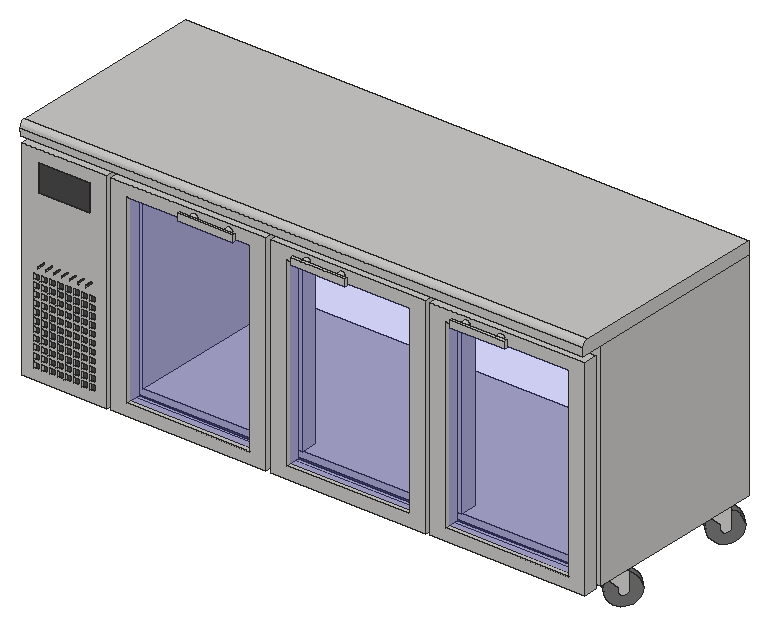
Revit family "QF_Turbo Air_JUR-72-G", category Specialty Equipment, Revit 2012
Parameters
  Weight in Pounds = 330
  Watermarked By = "http://revitwatermark.com"
  Volts = 115 V
  URL Cutsheet = ""
  URL = "www.turboairinc.com"
  Status [instance] = ""
  Specification by User [instance] = ""
  Specification by Manufacturer [instance] = ""
  Serial Number [instance] = ""
  Revision Code [instance] = ""
  Phase = 1
  Number of Poles [instance] = 1
  NAFEM Spec ID Number [instance] = ""
  Model = "JUR-72-G"
  Masterspec [instance] = ""
  Manufacturer = "Turbo Air"  # constant formula
  Legs [instance] = [6 inch Legs]  # no
  Item Number [instance] = "-"
  Installed By [instance] = ""
  HP = "1/4"
  Furnished By [instance] = ""
  Foodservice Equipment Identifier = yes
  FL Amps = 4.8 A
  Electrical Remarks [instance] = ""
  Electric Connection Type [instance] = ""
  Elec Conn RI Height [instance] = 0' - 0"
  Elec Conn Connection Height = 1' - 0"
  Description = "Undercounter Refrigerator"
  Cycle = 60 Hz
  Conn Plug = "NEMA 5-15P"
  Casters [instance] = not(Legs)  # yes
  CasterLeg Height [instance] = if([4 inch Casters], 0' 5", if([5 inch Casters], 0' 5 3/4", if([2_5 inch Casters], 0' 3 3/8", 0' 6")))  # 0' - 5"
  CSI MasterFormat = "11 41 13"
  Assembly Code = "E1090320"
  Apparent Power = if(Phase = 3, Volts * FL Amps * 1.73, Volts * FL Amps)  # 552 VA
  6 inch Legs [instance] = no
  5 inch Casters [instance] = no
  4 inch Casters [instance] = yes
  2_5 inch Casters [instance] = no
Reference planes (in)
  plane 1 "BACK": y = -1.5
  plane 2: z = 0
  plane 3 "LEFT": x = -20.72594
  plane 4 "Bottom": z = 5
  plane 5 "Back Stops": y = -0.5
  plane 6 "RIGHT": x = 50.14906
  plane 7 "FRONT": y = -29
  plane 8 "Door Clearance": y = -45
  plane 9 "Back of Door": y = -25.4375
  plane 10 "Front of Box": y = -24.75
  plane 11 "Counter Top": z = 33.75
  plane 12 "Top of Door": z = 31.25
  plane 13 "Front of Doors": y = -27.25
  plane 14 "Front of Ledge": y = -27.5
  plane 15 "Left of Right Door": x = 30.64906
  plane 16 "Right of Grill": x = -9.97594
  plane 17 "Right of Left Door": x = 10.02406
  plane 18 "Left of Left Door": x = -9.47594
  plane 19: x = 30.08656
  plane 20: x = 10.58656
Forms (in)
  Extrusion 1, solid, material "QF_Finishes_Stainless Steel"
    sketch origin (-20.72594, 0, 0) x (0, 1, 0) y (0, 0, 1)
      loop
        line (-1.5, 32.125) -> (-1.5, 33.75) -> (-26.8125, 33.75)
        arc (-26.8125, 33.75) -> (-27.29864, 33.54864) -> (-27.5, 33.0625) r 0.6875
        line (-27.5, 33.0625) -> (-27.5, 32.125) -> (-1.5, 32.125)
    from 0 to 70.875
  Extrusion 2, solid, material "QF_Finishes_Black"
    sketch origin (0, -24.75, 0) x (1, 0, 0) y (0, 0, 1)
      loop
        line (49.14906, 6) -> (49.14906, 30.25) -> (31.64906, 30.25) -> (31.64906, 6) -> (49.14906, 6)
      loop
        line (9.02406, 6) -> (9.02406, 30.25) -> (-8.47594, 30.25) -> (-8.47594, 6) -> (9.02406, 6)
      loop
        line (-8.22594, 6.25) -> (8.77406, 6.25) -> (8.77406, 30) -> (-8.22594, 30) -> (-8.22594, 6.25)
      loop
        line (31.89906, 30) -> (31.89906, 6.25) -> (48.89906, 6.25) -> (48.89906, 30) -> (31.89906, 30)
      loop
        line (29.08656, 6) -> (29.08656, 30.25) -> (11.58656, 30.25) -> (11.58656, 6) -> (29.08656, 6)
      loop
        line (11.83656, 30) -> (11.83656, 6.25) -> (28.83656, 6.25) -> (28.83656, 30) -> (11.83656, 30)
    from 0 to 0.6875
  Extrusion 3, solid, material "QF_Finishes_Black"
    sketch origin (0, -1.5, 0) x (1, 0, 0) y (0, 0, 1)
      loop
        circle (-14.60094, 28.9375) r 0.5
      loop
        circle (44.02406, 28.9375) r 0.5
    from 0 to -1
  Extrusion 4, solid, material "QF_Finishes_Stainless Steel"
    sketch origin (0, -1.5, 0) x (1, 0, 0) y (0, 0, 1)
      loop
        circle (-15.35094, 11.125) r 0.25
    from 0 to -0.0625
  Extrusion 5, solid, material "QF_Finishes_Stainless Steel"
    sketch origin (0, -24.75, 0) x (1, 0, 0) y (0, 0, 1)
      loop
        line (-20.72594, 31.25) -> (-20.72594, 5) -> (-9.97594, 5) -> (-9.97594, 31.25) -> (-20.72594, 31.25)
      loop
        line (-11.47594, 7.125) -> (-12.22594, 7.125) -> (-12.22594, 6.375) -> (-11.47594, 6.375) -> (-11.47594, 7.125)
      loop
        line (-12.47594, 7.125) -> (-13.22594, 7.125) -> (-13.22594, 6.375) -> (-12.47594, 6.375) -> (-12.47594, 7.125)
      loop
        line (-13.47594, 7.125) -> (-14.22594, 7.125) -> (-14.22594, 6.375) -> (-13.47594, 6.375) -> (-13.47594, 7.125)
      loop
        line (-14.47594, 7.125) -> (-15.22594, 7.125) -> (-15.22594, 6.375) -> (-14.47594, 6.375) -> (-14.47594, 7.125)
      loop
        line (-15.47594, 7.125) -> (-16.22594, 7.125) -> (-16.22594, 6.375) -> (-15.47594, 6.375) -> (-15.47594, 7.125)
      loop
        line (-16.47594, 7.125) -> (-17.22594, 7.125) -> (-17.22594, 6.375) -> (-16.47594, 6.375) -> (-16.47594, 7.125)
      loop
        line (-17.47594, 7.125) -> (-18.22594, 7.125) -> (-18.22594, 6.375) -> (-17.47594, 6.375) -> (-17.47594, 7.125)
      loop
        line (-18.47594, 7.125) -> (-19.22594, 7.125) -> (-19.22594, 6.375) -> (-18.47594, 6.375) -> (-18.47594, 7.125)
      loop
        line (-11.47594, 8.125) -> (-12.22594, 8.125) -> (-12.22594, 7.375) -> (-11.47594, 7.375) -> (-11.47594, 8.125)
      loop
        line (-12.47594, 8.125) -> (-13.22594, 8.125) -> (-13.22594, 7.375) -> (-12.47594, 7.375) -> (-12.47594, 8.125)
      loop
        line (-13.47594, 8.125) -> (-14.22594, 8.125) -> (-14.22594, 7.375) -> (-13.47594, 7.375) -> (-13.47594, 8.125)
      loop
        line (-14.47594, 8.125) -> (-15.22594, 8.125) -> (-15.22594, 7.375) -> (-14.47594, 7.375) -> (-14.47594, 8.125)
      loop
        line (-15.47594, 8.125) -> (-16.22594, 8.125) -> (-16.22594, 7.375) -> (-15.47594, 7.375) -> (-15.47594, 8.125)
      loop
        line (-16.47594, 8.125) -> (-17.22594, 8.125) -> (-17.22594, 7.375) -> (-16.47594, 7.375) -> (-16.47594, 8.125)
      loop
        line (-17.47594, 8.125) -> (-18.22594, 8.125) -> (-18.22594, 7.375) -> (-17.47594, 7.375) -> (-17.47594, 8.125)
      loop
        line (-18.47594, 8.125) -> (-19.22594, 8.125) -> (-19.22594, 7.375) -> (-18.47594, 7.375) -> (-18.47594, 8.125)
      loop
        line (-11.47594, 9.125) -> (-12.22594, 9.125) -> (-12.22594, 8.375) -> (-11.47594, 8.375) -> (-11.47594, 9.125)
      loop
        line (-12.47594, 9.125) -> (-13.22594, 9.125) -> (-13.22594, 8.375) -> (-12.47594, 8.375) -> (-12.47594, 9.125)
      loop
        line (-13.47594, 9.125) -> (-14.22594, 9.125) -> (-14.22594, 8.375) -> (-13.47594, 8.375) -> (-13.47594, 9.125)
      loop
        line (-14.47594, 9.125) -> (-15.22594, 9.125) -> (-15.22594, 8.375) -> (-14.47594, 8.375) -> (-14.47594, 9.125)
      loop
        line (-15.47594, 9.125) -> (-16.22594, 9.125) -> (-16.22594, 8.375) -> (-15.47594, 8.375) -> (-15.47594, 9.125)
      loop
        line (-16.47594, 9.125) -> (-17.22594, 9.125) -> (-17.22594, 8.375) -> (-16.47594, 8.375) -> (-16.47594, 9.125)
      loop
        line (-17.47594, 9.125) -> (-18.22594, 9.125) -> (-18.22594, 8.375) -> (-17.47594, 8.375) -> (-17.47594, 9.125)
      loop
        line (-18.47594, 9.125) -> (-19.22594, 9.125) -> (-19.22594, 8.375) -> (-18.47594, 8.375) -> (-18.47594, 9.125)
      loop
        line (-11.47594, 10.125) -> (-12.22594, 10.125) -> (-12.22594, 9.375) -> (-11.47594, 9.375) -> (-11.47594, 10.125)
      loop
        line (-12.47594, 10.125) -> (-13.22594, 10.125) -> (-13.22594, 9.375) -> (-12.47594, 9.375) -> (-12.47594, 10.125)
      loop
        line (-13.47594, 10.125) -> (-14.22594, 10.125) -> (-14.22594, 9.375) -> (-13.47594, 9.375) -> (-13.47594, 10.125)
      loop
        line (-14.47594, 10.125) -> (-15.22594, 10.125) -> (-15.22594, 9.375) -> (-14.47594, 9.375) -> (-14.47594, 10.125)
      loop
        line (-15.47594, 10.125) -> (-16.22594, 10.125) -> (-16.22594, 9.375) -> (-15.47594, 9.375) -> (-15.47594, 10.125)
      loop
        line (-16.47594, 10.125) -> (-17.22594, 10.125) -> (-17.22594, 9.375) -> (-16.47594, 9.375) -> (-16.47594, 10.125)
      loop
        line (-17.47594, 10.125) -> (-18.22594, 10.125) -> (-18.22594, 9.375) -> (-17.47594, 9.375) -> (-17.47594, 10.125)
      loop
        line (-18.47594, 10.125) -> (-19.22594, 10.125) -> (-19.22594, 9.375) -> (-18.47594, 9.375) -> (-18.47594, 10.125)
      loop
        line (-11.47594, 11.125) -> (-12.22594, 11.125) -> (-12.22594, 10.375) -> (-11.47594, 10.375) -> (-11.47594, 11.125)
      loop
        line (-12.47594, 11.125) -> (-13.22594, 11.125) -> (-13.22594, 10.375) -> (-12.47594, 10.375) -> (-12.47594, 11.125)
      loop
        line (-13.47594, 11.125) -> (-14.22594, 11.125) -> (-14.22594, 10.375) -> (-13.47594, 10.375) -> (-13.47594, 11.125)
      loop
        line (-14.47594, 11.125) -> (-15.22594, 11.125) -> (-15.22594, 10.375) -> (-14.47594, 10.375) -> (-14.47594, 11.125)
      loop
        line (-15.47594, 11.125) -> (-16.22594, 11.125) -> (-16.22594, 10.375) -> (-15.47594, 10.375) -> (-15.47594, 11.125)
      loop
        line (-16.47594, 11.125) -> (-17.22594, 11.125) -> (-17.22594, 10.375) -> (-16.47594, 10.375) -> (-16.47594, 11.125)
      loop
        line (-17.47594, 11.125) -> (-18.22594, 11.125) -> (-18.22594, 10.375) -> (-17.47594, 10.375) -> (-17.47594, 11.125)
      loop
        line (-18.47594, 11.125) -> (-19.22594, 11.125) -> (-19.22594, 10.375) -> (-18.47594, 10.375) -> (-18.47594, 11.125)
      loop
        line (-11.47594, 12.125) -> (-12.22594, 12.125) -> (-12.22594, 11.375) -> (-11.47594, 11.375) -> (-11.47594, 12.125)
      loop
        line (-12.47594, 12.125) -> (-13.22594, 12.125) -> (-13.22594, 11.375) -> (-12.47594, 11.375) -> (-12.47594, 12.125)
      loop
        line (-13.47594, 12.125) -> (-14.22594, 12.125) -> (-14.22594, 11.375) -> (-13.47594, 11.375) -> (-13.47594, 12.125)
      loop
        line (-14.47594, 12.125) -> (-15.22594, 12.125) -> (-15.22594, 11.375) -> (-14.47594, 11.375) -> (-14.47594, 12.125)
      loop
        line (-15.47594, 12.125) -> (-16.22594, 12.125) -> (-16.22594, 11.375) -> (-15.47594, 11.375) -> (-15.47594, 12.125)
      loop
        line (-16.47594, 12.125) -> (-17.22594, 12.125) -> (-17.22594, 11.375) -> (-16.47594, 11.375) -> (-16.47594, 12.125)
      loop
        line (-17.47594, 12.125) -> (-18.22594, 12.125) -> (-18.22594, 11.375) -> (-17.47594, 11.375) -> (-17.47594, 12.125)
      loop
        line (-18.47594, 12.125) -> (-19.22594, 12.125) -> (-19.22594, 11.375) -> (-18.47594, 11.375) -> (-18.47594, 12.125)
      loop
        line (-11.47594, 13.125) -> (-12.22594, 13.125) -> (-12.22594, 12.375) -> (-11.47594, 12.375) -> (-11.47594, 13.125)
      loop
        line (-12.47594, 13.125) -> (-13.22594, 13.125) -> (-13.22594, 12.375) -> (-12.47594, 12.375) -> (-12.47594, 13.125)
      loop
        line (-13.47594, 13.125) -> (-14.22594, 13.125) -> (-14.22594, 12.375) -> (-13.47594, 12.375) -> (-13.47594, 13.125)
      loop
        line (-14.47594, 13.125) -> (-15.22594, 13.125) -> (-15.22594, 12.375) -> (-14.47594, 12.375) -> (-14.47594, 13.125)
      loop
        line (-15.47594, 13.125) -> (-16.22594, 13.125) -> (-16.22594, 12.375) -> (-15.47594, 12.375) -> (-15.47594, 13.125)
      loop
        line (-16.47594, 13.125) -> (-17.22594, 13.125) -> (-17.22594, 12.375) -> (-16.47594, 12.375) -> (-16.47594, 13.125)
      loop
        line (-17.47594, 13.125) -> (-18.22594, 13.125) -> (-18.22594, 12.375) -> (-17.47594, 12.375) -> (-17.47594, 13.125)
      loop
        line (-18.47594, 13.125) -> (-19.22594, 13.125) -> (-19.22594, 12.375) -> (-18.47594, 12.375) -> (-18.47594, 13.125)
      loop
        line (-11.47594, 14.125) -> (-12.22594, 14.125) -> (-12.22594, 13.375) -> (-11.47594, 13.375) -> (-11.47594, 14.125)
      loop
        line (-12.47594, 14.125) -> (-13.22594, 14.125) -> (-13.22594, 13.375) -> (-12.47594, 13.375) -> (-12.47594, 14.125)
      loop
        line (-13.47594, 14.125) -> (-14.22594, 14.125) -> (-14.22594, 13.375) -> (-13.47594, 13.375) -> (-13.47594, 14.125)
      loop
        line (-14.47594, 14.125) -> (-15.22594, 14.125) -> (-15.22594, 13.375) -> (-14.47594, 13.375) -> (-14.47594, 14.125)
      loop
        line (-15.47594, 14.125) -> (-16.22594, 14.125) -> (-16.22594, 13.375) -> (-15.47594, 13.375) -> (-15.47594, 14.125)
      loop
        line (-16.47594, 14.125) -> (-17.22594, 14.125) -> (-17.22594, 13.375) -> (-16.47594, 13.375) -> (-16.47594, 14.125)
      loop
        line (-17.47594, 14.125) -> (-18.22594, 14.125) -> (-18.22594, 13.375) -> (-17.47594, 13.375) -> (-17.47594, 14.125)
      loop
        line (-18.47594, 14.125) -> (-19.22594, 14.125) -> (-19.22594, 13.375) -> (-18.47594, 13.375) -> (-18.47594, 14.125)
      loop
        line (-11.47594, 15.125) -> (-12.22594, 15.125) -> (-12.22594, 14.375) -> (-11.47594, 14.375) -> (-11.47594, 15.125)
      loop
        line (-12.47594, 15.125) -> (-13.22594, 15.125) -> (-13.22594, 14.375) -> (-12.47594, 14.375) -> (-12.47594, 15.125)
      loop
        line (-13.47594, 15.125) -> (-14.22594, 15.125) -> (-14.22594, 14.375) -> (-13.47594, 14.375) -> (-13.47594, 15.125)
      loop
        line (-14.47594, 15.125) -> (-15.22594, 15.125) -> (-15.22594, 14.375) -> (-14.47594, 14.375) -> (-14.47594, 15.125)
      loop
        line (-15.47594, 15.125) -> (-16.22594, 15.125) -> (-16.22594, 14.375) -> (-15.47594, 14.375) -> (-15.47594, 15.125)
      loop
        line (-16.47594, 15.125) -> (-17.22594, 15.125) -> (-17.22594, 14.375) -> (-16.47594, 14.375) -> (-16.47594, 15.125)
      loop
        line (-17.47594, 15.125) -> (-18.22594, 15.125) -> (-18.22594, 14.375) -> (-17.47594, 14.375) -> (-17.47594, 15.125)
      loop
        line (-18.47594, 15.125) -> (-19.22594, 15.125) -> (-19.22594, 14.375) -> (-18.47594, 14.375) -> (-18.47594, 15.125)
      loop
        line (-11.47594, 16.125) -> (-12.22594, 16.125) -> (-12.22594, 15.375) -> (-11.47594, 15.375) -> (-11.47594, 16.125)
      loop
        line (-12.47594, 16.125) -> (-13.22594, 16.125) -> (-13.22594, 15.375) -> (-12.47594, 15.375) -> (-12.47594, 16.125)
      loop
        line (-13.47594, 16.125) -> (-14.22594, 16.125) -> (-14.22594, 15.375) -> (-13.47594, 15.375) -> (-13.47594, 16.125)
      loop
        line (-14.47594, 16.125) -> (-15.22594, 16.125) -> (-15.22594, 15.375) -> (-14.47594, 15.375) -> (-14.47594, 16.125)
      loop
        line (-15.47594, 16.125) -> (-16.22594, 16.125) -> (-16.22594, 15.375) -> (-15.47594, 15.375) -> (-15.47594, 16.125)
      loop
        line (-16.47594, 16.125) -> (-17.22594, 16.125) -> (-17.22594, 15.375) -> (-16.47594, 15.375) -> (-16.47594, 16.125)
      loop
        line (-17.47594, 16.125) -> (-18.22594, 16.125) -> (-18.22594, 15.375) -> (-17.47594, 15.375) -> (-17.47594, 16.125)
      loop
        line (-18.47594, 16.125) -> (-19.22594, 16.125) -> (-19.22594, 15.375) -> (-18.47594, 15.375) -> (-18.47594, 16.125)
      loop
        line (-11.47594, 17.125) -> (-12.22594, 17.125) -> (-12.22594, 16.375) -> (-11.47594, 16.375) -> (-11.47594, 17.125)
      loop
        line (-12.47594, 17.125) -> (-13.22594, 17.125) -> (-13.22594, 16.375) -> (-12.47594, 16.375) -> (-12.47594, 17.125)
      loop
        line (-13.47594, 17.125) -> (-14.22594, 17.125) -> (-14.22594, 16.375) -> (-13.47594, 16.375) -> (-13.47594, 17.125)
      loop
        line (-14.47594, 17.125) -> (-15.22594, 17.125) -> (-15.22594, 16.375) -> (-14.47594, 16.375) -> (-14.47594, 17.125)
      loop
        line (-15.47594, 17.125) -> (-16.22594, 17.125) -> (-16.22594, 16.375) -> (-15.47594, 16.375) -> (-15.47594, 17.125)
      loop
        line (-16.47594, 17.125) -> (-17.22594, 17.125) -> (-17.22594, 16.375) -> (-16.47594, 16.375) -> (-16.47594, 17.125)
      loop
        line (-17.47594, 17.125) -> (-18.22594, 17.125) -> (-18.22594, 16.375) -> (-17.47594, 16.375) -> (-17.47594, 17.125)
      loop
        line (-18.47594, 17.125) -> (-19.22594, 17.125) -> (-19.22594, 16.375) -> (-18.47594, 16.375) -> (-18.47594, 17.125)
      loop
        arc (-14.68933, 17.96339) -> (-14.68933, 17.78661) -> (-14.51255, 17.78661) r 0.125
        line (-14.51255, 17.78661) -> (-13.80544, 18.49372)
        arc (-13.80544, 18.49372) -> (-13.80544, 18.6705) -> (-13.98222, 18.6705) r 0.125
        line (-13.98222, 18.6705) -> (-14.68933, 17.96339)
      loop
        arc (-13.68933, 17.96339) -> (-13.68933, 17.78661) -> (-13.51255, 17.78661) r 0.125
        line (-13.51255, 17.78661) -> (-12.80544, 18.49372)
        arc (-12.80544, 18.49372) -> (-12.80544, 18.6705) -> (-12.98222, 18.6705) r 0.125
        line (-12.98222, 18.6705) -> (-13.68933, 17.96339)
      loop
        arc (-12.68933, 17.96339) -> (-12.68933, 17.78661) -> (-12.51255, 17.78661) r 0.125
        line (-12.51255, 17.78661) -> (-11.80544, 18.49372)
        arc (-11.80544, 18.49372) -> (-11.80544, 18.6705) -> (-11.98222, 18.6705) r 0.125
        line (-11.98222, 18.6705) -> (-12.68933, 17.96339)
      loop
        arc (-17.68933, 17.96339) -> (-17.68933, 17.78661) -> (-17.51255, 17.78661) r 0.125
        line (-17.51255, 17.78661) -> (-16.80544, 18.49372)
        arc (-16.80544, 18.49372) -> (-16.80544, 18.6705) -> (-16.98222, 18.6705) r 0.125
        line (-16.98222, 18.6705) -> (-17.68933, 17.96339)
      loop
        arc (-16.68933, 17.96339) -> (-16.68933, 17.78661) -> (-16.51255, 17.78661) r 0.125
        line (-16.51255, 17.78661) -> (-15.80544, 18.49372)
        arc (-15.80544, 18.49372) -> (-15.80544, 18.6705) -> (-15.98222, 18.6705) r 0.125
        line (-15.98222, 18.6705) -> (-16.68933, 17.96339)
      loop
        arc (-15.68933, 17.96339) -> (-15.68933, 17.78661) -> (-15.51255, 17.78661) r 0.125
        line (-15.51255, 17.78661) -> (-14.80544, 18.49372)
        arc (-14.80544, 18.49372) -> (-14.80544, 18.6705) -> (-14.98222, 18.6705) r 0.125
        line (-14.98222, 18.6705) -> (-15.68933, 17.96339)
      loop
        arc (-18.68933, 17.96339) -> (-18.68933, 17.78661) -> (-18.51255, 17.78661) r 0.125
        line (-18.51255, 17.78661) -> (-17.80544, 18.49372)
        arc (-17.80544, 18.49372) -> (-17.80544, 18.6705) -> (-17.98222, 18.6705) r 0.125
        line (-17.98222, 18.6705) -> (-18.68933, 17.96339)
      loop
        line (-12.16344, 29.75) -> (-18.53844, 29.75) -> (-18.53844, 26.375) -> (-12.16344, 26.375) -> (-12.16344, 29.75)
    from 0 to 2.5
  Extrusion 6, solid, material "QF_Finishes_Black"
    sketch origin (0, -24.75, 0) x (1, 0, 0) y (0, 0, 1)
      loop
        line (-19.72594, 5.875) -> (-10.97594, 5.875) -> (-10.97594, 19.125) -> (-19.72594, 19.125) -> (-19.72594, 5.875)
    from 0 to 2.25
  Extrusion 7, solid, material "QF_Finishes_Black"
    sketch origin (0, -24.75, 0) x (1, 0, 0) y (0, 0, 1)
      loop
        line (-18.53844, 29.75) -> (-18.53844, 26.375) -> (-12.16344, 26.375) -> (-12.16344, 29.75) -> (-18.53844, 29.75)
    from 0 to 2.5
  Extrusion 8, solid, material "QF_Finishes_Stainless Steel"
    sketch origin (0, -1.5, 0) x (1, 0, 0) y (0, 0, 1)
      loop
        line (-20.72594, 32.125) -> (-20.72594, 5) -> (50.14906, 5) -> (50.14906, 32.125) -> (-20.72594, 32.125)
      loop
        line (-7.47594, 29.25) -> (-7.47594, 7) -> (48.14906, 7) -> (48.14906, 29.25) -> (-7.47594, 29.25)
    from 0 to 23.25
  Extrusion 9, solid, material "QF_Finishes_Stainless Steel"
    sketch origin (0, -24.75, 0) x (1, 0, 0) y (0, 0, 1)
      loop
        line (12.58656, 29.25) -> (8.02406, 29.25) -> (8.02406, 7) -> (12.58656, 7) -> (12.58656, 29.25)
      loop
        line (32.64906, 29.25) -> (28.08656, 29.25) -> (28.08656, 7) -> (32.64906, 7) -> (32.64906, 29.25)
    from 0 to -2
Lines and regions (in)
  symbolic lines
    curve 1: line (-20.72594, -1.5, 33.75) -> (50.14906, -1.5, 33.75)
    curve 2: line (-20.72594, -29, 33.75) -> (-20.72594, -1.5, 33.75)
    curve 3: line (50.14906, -29, 33.75) -> (-20.72594, -29, 33.75)
    curve 4: line (50.14906, -1.5, 33.75) -> (50.14906, -29, 33.75)
    curve 5: line (43.52406, -0.5, 33.75) -> (44.52406, -0.5, 33.75)
    curve 6: line (-15.10094, -0.5, 33.75) -> (-14.10094, -0.5, 33.75)
    curve 7: line (-15.10094, -0.5, 33.75) -> (-15.10094, -1.5, 33.75)
    curve 8: line (-14.10094, -0.5, 33.75) -> (-14.10094, -1.5, 33.75)
    curve 9: line (43.52406, -0.5, 33.75) -> (43.52406, -1.5, 33.75)
    curve 10: line (44.52406, -0.5, 33.75) -> (44.52406, -1.5, 33.75)
  symbolic lines, style "QF_Clearances", detail levels coarse
    curve 11: line (50.14906, -29, 33.75) -> (50.14906, -45, 33.75)
    curve 12: arc (50.14906, -45, 33.75) -> (37.71926, -40.46832, 33.75) -> (31.12276, -29, 33.75) r 19.3125
    curve 13: line (-9.47594, -29, 33.75) -> (-9.47594, -45, 33.75)
    curve 14: arc (-9.47594, -45, 33.75) -> (2.95386, -40.46832, 33.75) -> (9.55036, -29, 33.75) r 19.3125
    curve 15: line (30.08656, -29, 33.75) -> (30.08656, -45, 33.75)
    curve 16: arc (30.08656, -45, 33.75) -> (17.65676, -40.46832, 33.75) -> (11.06026, -29, 33.75) r 19.3125
Dimensions and locks (in)
  "CasterLeg Height": plane 4 "Bottom" to plane 2
  locked: plane 1 "BACK" to plane 5 "Back Stops" at 1
  locked: plane 6 "RIGHT" to plane 3 "LEFT" at 70.875
  locked: plane 7 "FRONT" to plane 1 "BACK" at 27.5
  locked: plane 9 "Back of Door" to plane 10 "Front of Box" at 0.6875
  locked: plane 11 "Counter Top" to plane 4 "Bottom" at 28.75
  locked: Extrusion 2 sketch curve to plane 6 "RIGHT" at 1
  locked: nested 1 to plane 1 "BACK" at 2.5625
  locked: plane 3 "LEFT" to nested 1 at 2.5
  locked: plane 3 "LEFT" to nested 2 at 2.5
  locked: plane 10 "Front of Box" to nested 2 at 4.625
  locked: nested 3 to plane 6 "RIGHT" at 2.5
  locked: nested 4 to plane 6 "RIGHT" at 2.5
  locked: plane 10 "Front of Box" to nested 4 at 4.625
  locked: nested 3 to plane 1 "BACK" at 2.5625
  locked: plane 11 "Counter Top" to Extrusion 3 sketch curve at 4.8125  (x2)
  locked: plane 6 "RIGHT" to Extrusion 3 sketch curve at 6.125
  locked: Extrusion 3 sketch curve to plane 3 "LEFT" at 6.125
  locked: Extrusion 4 sketch curve to plane 4 "Bottom" at 6.125
  locked: Extrusion 2 sketch curve to plane 4 "Bottom" at 1  (x3)
  locked: plane 12 "Top of Door" to Extrusion 2 sketch curve at 1  (x3)
  locked: plane 13 "Front of Doors" to plane 10 "Front of Box" at 2.5
  locked: plane 14 "Front of Ledge" to plane 13 "Front of Doors" at 0.25
  locked: plane 11 "Counter Top" to plane 12 "Top of Door" at 2.5
  locked: plane 11 "Counter Top" to Extrusion 1 sketch curve at 1.625
  plane 15 "Left of Right Door" to plane 6 "RIGHT" = 1' - 7 1/2"
  locked: plane 3 "LEFT" to plane 16 "Right of Grill" at 10.75
  locked: Extrusion 2 sketch curve to plane 15 "Left of Right Door" at 1
  locked: plane 3 "LEFT" to Extrusion 6 sketch curve at 1
  locked: plane 16 "Right of Grill" to Extrusion 6 sketch curve at 1
  locked: Extrusion 6 sketch curve to plane 4 "Bottom" at 0.875
  locked: Extrusion 6 sketch curve to Extrusion 6 sketch curve at 13.25
  locked: Extrusion 4 sketch curve to plane 3 "LEFT" at 5.375
  locked: plane 16 "Right of Grill" to plane 18 "Left of Left Door" at 0.5
  plane 18 "Left of Left Door" to plane 17 "Right of Left Door" = 1' - 7 1/2"
  locked: Extrusion 2 sketch curve to plane 17 "Right of Left Door" at 1
  locked: Extrusion 2 sketch curve to plane 18 "Left of Left Door" at 1
  locked: plane 11 "Counter Top" to Extrusion 8 sketch curve at 1.625
  locked: Extrusion 8 sketch curve to plane 18 "Left of Left Door" at 2
  locked: plane 12 "Top of Door" to Extrusion 8 sketch curve at 2
  locked: Extrusion 8 sketch curve to plane 6 "RIGHT" at 2
  locked: Extrusion 8 sketch curve to plane 4 "Bottom" at 2
  locked: Extrusion 2 sketch curve to Extrusion 2 sketch curve at 0.25  (x12)
  locked: Extrusion 9 sketch curve to plane 17 "Right of Left Door" at 2
  locked: plane 12 "Top of Door" to Extrusion 9 sketch curve at 2  (x2)
  locked: Extrusion 9 sketch curve to plane 4 "Bottom" at 2  (x2)
  plane 8 "Door Clearance" to plane 7 "FRONT" = 1' - 4"
  locked: plane 19 to plane 15 "Left of Right Door" at 0.5625
  locked: plane 17 "Right of Left Door" to plane 20 at 0.5625
  locked: Extrusion 9 sketch curve to plane 20 at 2
  locked: Extrusion 9 sketch curve to plane 15 "Left of Right Door" at 2
  locked: Extrusion 9 sketch curve to plane 19 at 2
  locked: Extrusion 2 sketch curve to plane 20 at 1
  locked: plane 19 to Extrusion 2 sketch curve at 1
  locked: nested 8 to plane 1 "BACK" at 2.5625
  locked: plane 10 "Front of Box" to nested 9 at 4.625
  equal spacing: plane 3 "LEFT", nested 8, plane 6 "RIGHT"
  equal spacing: plane 3 "LEFT", nested 9, plane 6 "RIGHT"
  aligned and locked: level to plane 2
  aligned and locked: Extrusion 1 sketch curve to plane 1 "BACK"
  aligned and locked: plane 6 "RIGHT" to Extrusion 1
  aligned and locked: plane 9 "Back of Door" to Extrusion 2
  aligned and locked: Extrusion 1 sketch curve to plane 11 "Counter Top"
  aligned and locked: Extrusion 3 to plane 5 "Back Stops"
  aligned and locked: plane 1 "BACK" to curve 1
  aligned and locked: plane 3 "LEFT" to curve 2
  aligned and locked: curve 3 to plane 7 "FRONT"
  aligned and locked: curve 5 to Extrusion 3
  aligned and locked: curve 6 to Extrusion 3
  aligned and locked: Extrusion 1 sketch curve to plane 14 "Front of Ledge"
  aligned and locked: Extrusion 5 sketch curve to plane 12 "Top of Door"
  aligned and locked: plane 3 "LEFT" to Extrusion 5 sketch curve
  aligned and locked: plane 4 "Bottom" to Extrusion 5 sketch curve
  aligned and locked: plane 16 "Right of Grill" to Extrusion 5 sketch curve
  aligned and locked: plane 13 "Front of Doors" to Extrusion 5
  aligned and locked: plane 13 "Front of Doors" to Extrusion 7
  aligned and locked: plane 3 "LEFT" to Extrusion 8 sketch curve
  aligned and locked: plane 4 "Bottom" to Extrusion 8 sketch curve
  aligned and locked: Extrusion 8 sketch curve to plane 6 "RIGHT"
  aligned and locked: plane 10 "Front of Box" to Extrusion 8
  aligned and locked: plane 4 "Bottom" to nested 6
  aligned and locked: nested 5 to plane 4 "Bottom"
  aligned and locked: nested 7 to plane 4 "Bottom"
Automatic sketch dimensions
  Extrusion 5 sketch curve to Extrusion 5 sketch curve = 0' - 0.08839"  (x42)
  Extrusion 5 sketch curve to Extrusion 5 sketch curve = 0' - 0 3/4"  (x52)
  Extrusion 5 sketch curve to Extrusion 5 sketch curve = 0' - 0"  (x162)
  Extrusion 5 sketch curve to Extrusion 5 sketch curve = 0' - 0.03661"  (x7)
  Extrusion 5 sketch curve to Extrusion 5 sketch curve = 0' - 0 1/4"  (x125)
  Extrusion 5 sketch curve to Extrusion 5 sketch curve = 0' - 0.70711"  (x2)
  Extrusion 5 sketch curve to Extrusion 5 sketch curve = 0' - 0.11612"  (x6)
  Extrusion 5 sketch curve to Extrusion 5 sketch curve = 0' - 0.82322"  (x6)
  Extrusion 5 sketch curve to plane 16 "Right of Grill" = 0' - 2 3/16"
  plane 4 "Bottom" to Extrusion 5 sketch curve = 0' - 1 3/8"  (x2)
  Extrusion 5 sketch curve to Extrusion 5 sketch curve = 0' - 0.66161"  (x7)
  Extrusion 5 sketch curve to Extrusion 5 sketch curve = 0' - 0.53033"  (x6)
  Extrusion 5 sketch curve to plane 12 "Top of Door" = 0' - 4 7/8"
  Extrusion 5 sketch curve to plane 12 "Top of Door" = 0' - 1 1/2"
  Extrusion 7 sketch curve to plane 16 "Right of Grill" = 0' - 2 3/16"
  Extrusion 7 sketch curve to plane 12 "Top of Door" = 0' - 4 7/8"
  Extrusion 7 sketch curve to plane 12 "Top of Door" = 0' - 1 1/2"
  plane 3 "LEFT" to Extrusion 5 sketch curve = 0' - 1 1/2"  (x4)
  Extrusion 5 sketch curve to Extrusion 5 sketch curve = 0' - 0.53661"
  plane 3 "LEFT" to Extrusion 5 sketch curve = 0' - 2 3/16"
  plane 3 "LEFT" to Extrusion 7 sketch curve = 0' - 2 3/16"
  Extrusion 1 sketch curve to plane 13 "Front of Doors" = 0' - 0 7/16"
  plane 8 "Door Clearance" to curve 16 = 0' - 0"
  curve 12 to plane 6 "RIGHT" = 0' - 0"
  plane 8 "Door Clearance" to curve 12 = 0' - 0"
  plane 8 "Door Clearance" to curve 14 = 0' - 0"
  curve 14 to plane 18 "Left of Left Door" = 0' - 0"
  curve 16 to plane 19 = 0' - 0"
  plane 9 "Back of Door" to curve 14 = 0' - 0 1/4"
  plane 9 "Back of Door" to curve 12 = 0' - 0 1/4"
  plane 9 "Back of Door" to curve 16 = 0' - 0 1/4"
  curve 10 to plane 6 "RIGHT" = 0' - 5 5/8"
  curve 5 to curve 5 = 0' - 1"
  curve 8 to plane 16 "Right of Grill" = 0' - 4 1/8"
  curve 6 to curve 6 = 0' - 1"
  radius of Extrusion 3 sketch curve = 0' - 0 1/2"  (x2)
  radius of Extrusion 4 sketch curve = 0' - 0 1/4"
Nested families (in)
  nested 1: "FESCasterLeg" at (-18.22594, -4.0625, 0), Legs <- "Legs", Casters <- "Casters", Height <- "CasterLeg Height", type "FESCasterLeg"
    with Legs no, Height 0' - 5", Casters yes, Caster Radius 0' - 2"
  nested 2: "FESCasterLeg" at (-18.22594, -20.125, 0), Legs <- "Legs", Casters <- "Casters", Height <- "CasterLeg Height", type "FESCasterLeg"
    with Legs no, Height 0' - 5", Casters yes, Caster Radius 0' - 2"
  nested 3: "FESCasterLeg" at (47.64906, -4.0625, 0), Legs <- "Legs", Casters <- "Casters", Height <- "CasterLeg Height", type "FESCasterLeg"
    with Legs no, Height 0' - 5", Casters yes, Caster Radius 0' - 2"
  nested 4: "FESCasterLeg" at (47.64906, -20.125, 0), Legs <- "Legs", Casters <- "Casters", Height <- "CasterLeg Height", type "FESCasterLeg"
    with Legs no, Height 0' - 5", Casters yes, Caster Radius 0' - 2"
  nested 5: "QF_Turbo Air_TBL_Glass-Door" at (45.82573, -25.4375, 5), type "QF_Turbo Air_TBL_Glass-Door"
    with Width 1' - 7 1/2", Symbolic Lines no, Height 2' - 2 1/4", Depth 0' - 1 13/16"
  nested 6: "QF_Turbo Air_TBL_Glass-Door" at (-5.15261, -25.4375, 5) x (-1, 0, 0) z (0, 0, 1), type "QF_Turbo Air_TBL_Glass-Door"
    with Width 1' - 7 1/2", Symbolic Lines no, Height 2' - 2 1/4", Depth 0' - 1 13/16"
  nested 7: "QF_Turbo Air_TBL_Glass-Door" at (25.76323, -25.4375, 5), type "QF_Turbo Air_TBL_Glass-Door"
    with Width 1' - 7 1/2", Symbolic Lines no, Height 2' - 2 1/4", Depth 0' - 1 13/16"
  nested 8: "FESCasterLeg" at (14.71156, -4.0625, 0), Legs <- "Legs", Casters <- "Casters", Height <- "CasterLeg Height", type "FESCasterLeg"
    with Legs no, Height 0' - 5", Casters yes, Caster Radius 0' - 2"
  nested 9: "FESCasterLeg" at (14.71156, -20.125, 0), Legs <- "Legs", Casters <- "Casters", Height <- "CasterLeg Height", type "FESCasterLeg"
    with Legs no, Height 0' - 5", Casters yes, Caster Radius 0' - 2"
Connectors (in)
  electrical at (-15.35094, -1.4375, 11.125), driven by "Number of Poles", driven by "Volts", driven by "Apparent Power"
    settings: on Extrusion 4, index 1, voltage 115 V, apparent load 552 VA, apparent load phase1 0 VA, apparent load phase2 0 VA, apparent load phase3 0 VA, power factor 1, load classification "Other", number of poles 1, system type 30, power factor state 1, is connector primary yes, connector utility no, sub classification motor no, connector description ""
Definition of nested family "FESCasterLeg"
  Parameters (values of type "FESCasterLeg")
    Watermarked By = "http://revitwatermark.com"
    Type Comments = "⍁⍉⌁⌀⏭⎽⌇⍠⌜⍉⎖⌥⌦⌯⍭⏊⍻⍿⍊⏵⍊⏗⏠⍴⎡⌈⎀⍠⌓⌤⏘⎐⍀⌐⏬⏁⎈⏍⏦⎒⏬⌝⍩⍇⌣〈⎫〉⎁⏊⍥⍖⍥⍝⍦⌖⍀⏌⏭⎝⎼⏷⏞⍻⏯⎽⏷⏞⍻⏯⎽⏷⎺⌻⎝⍎⌧⏷⏟⏿⌿⍜⍦⍤⌁⍬⏶⏎⍊⏚⏉⎞⌡⎀⎪⏈⌟⌿⍾⍼⌟⌿⌢⌞⏜⏝⎽⍷⍷⍯⍧⍷⌯⍽⏸⏨⏾⏎⌣⏺⍹⏼⏅⎏⌽⎫⎪⍙⎓⏗⎗⏅⌴⍏⍏⍿⏑⎺⍘⌭⏲⍥⎛⎾⎾⍞⍌⎪⎲⌙⎥⏏⎟⎟⏼⏘⎏⎝⏧⏍⏁⍏⍧⏯⏾⌟"
    Legs [instance] = yes
    Height [instance] = 0' - 6"
    Caster Radius [instance] = if(Height < 0' 3", 0' 1", (Height / 2) - 0' 0 1/2")  # 0' - 2 1/2"
    Casters [instance] = yes
    Assembly Code = ""
  Reference planes (in)
    plane 1 "Center (Front/Back)": y = 0
    plane 2: z = 0
    plane 3 "Center (Left/Right)": x = 0
    plane 4: z = 6
    plane 5: z = 5.5
  Forms (in)
    Extrusion 1, solid, material "QF_Finishes_Stainless Steel", visible <- "Casters"
      sketch origin (-24.12131, -22.88887, 10.18833) x (0.707107, 0.707107, 0) y (0, 0, 1)
        loop
          line (34.98772, -7.68833) -> (34.98772, -4.93833) -> (34.48772, -4.93833) -> (34.39402, -4.68833) -> (32.39402, -4.68833) -> (32.39402, -5.43833) -> (33.98772, -7.34206) -> (33.98772, -7.68833)
          arc (33.98772, -7.68833) -> (34.48772, -8.18833) -> (34.98772, -7.68833) r 0.5
      from 0 to 1.75
    Extrusion 2, solid, material "QF_Finishes_Rubber Black", visible <- "Casters"
      sketch origin (-24.32327, -23.09083, 13.31461) x (0.707107, 0.707107, 0) y (0, 0, 1)
        loop
          circle (34.77334, -10.81461) r 2.5
      from 0.375 to 1.375
    Extrusion 3, solid, material "QF_Finishes_Stainless Steel", visible <- "Casters"
      sketch origin (-7.24148, -8.48391, 0) x (0.707107, 0.707107, 0) y (0, 0, 1)
        loop
          line (10.61603, 5.5) -> (11.61603, 5.5) -> (11.61603, 6) -> (10.61603, 6) -> (10.61603, 5.5)
      from 0 to -1.75
    Blend 4, solid, material "QF_Finishes_Stainless Steel", visible <- "Legs"
      base sketch origin (0, 0, 0) x (1, 0, 0) y (0, 1, 0)
        loop
          circle (0, 0) r 0.5
      top sketch origin (0, 0, 0) x (1, 0, 0) y (0, 1, 0)
        loop
          circle (0, 0) r 1
      from 0 to 6 <- "Height"
  Lines and regions (in)
    symbolic lines, style "QF_Hidden Details", visible <- "Casters", built-in parameter 1006206 <- "Casters"
      curve 1: line (-1.26158, -0.51911, 0) -> (1.39007, 2.13254, 0)
      curve 2: line (-0.53429, -1.24639, 0) -> (2.11736, 1.40526, 0)
    symbolic lines, style "QF_Hidden Details", built-in parameter 1006206 <- "Casters", visible <- "Casters"
      curve 3: line (-1.26158, -0.51911, 0) -> (1.39007, 2.13254, 0)
      curve 4: line (-0.53429, -1.24639, 0) -> (2.11736, 1.40526, 0)
  Dimensions and locks (in)
    locked: plane 4 to plane 5 at 0.5
    "Height": plane 4 to level
    "Caster Radius": Extrusion 2 sketch curve to level
    "Caster Radius": Extrusion 1 sketch curve to level
    "Caster Radius": radius of Extrusion 2 sketch curve
    aligned and locked: plane 2 to level
    aligned: Blend 4 to Extrusion 3
    aligned and locked: plane 4 to Blend 4
    aligned and locked: Extrusion 3 to plane 5
    aligned and locked: plane 4 to Extrusion 3
    aligned and locked: plane 5 to Extrusion 1
  Automatic sketch dimensions
    plane 1 "Center (Front/Back)" to curve 3 = 0' - 0.51911"
    curve 3 to plane 3 "Center (Left/Right)" = 0' - 1.26158"
    plane 1 "Center (Front/Back)" to curve 1 = 0' - 0.51911"
    curve 1 to curve 3 = 0' - 0"  (x3)
    curve 4 to plane 3 "Center (Left/Right)" = 0' - 0.53429"
    curve 2 to curve 4 = 0' - 0"  (x2)
    plane 3 "Center (Left/Right)" to curve 3 = 0' - 1.39007"
    curve 1 to curve 4 = 0' - 0.72729"
    curve 2 to curve 1 = 0' - 0.72729"
    curve 4 to curve 2 = 0' - 0"  (x2)
    curve 2 to plane 1 "Center (Front/Back)" = 0' - 1.40526"
    curve 2 to curve 3 = 0' - 0.72729"
    plane 5 to Extrusion 1 sketch curve = 0' - 0"
    Extrusion 1 sketch curve to Extrusion 1 sketch curve = 0' - 1.5937"
    Extrusion 1 sketch curve to Extrusion 1 sketch curve = 0' - 2"
    Extrusion 1 sketch curve to Extrusion 1 sketch curve = 0' - 0.0937"
    Extrusion 1 sketch curve to Extrusion 1 sketch curve = 0' - 0 1/2"
    Extrusion 1 sketch curve to Extrusion 1 sketch curve = 0' - 0.34627"
    Extrusion 1 sketch curve to plane 5 = 0' - 0 3/4"
    Extrusion 1 sketch curve to plane 5 = 0' - 0 1/4"
    Extrusion 3 sketch curve to plane 5 = 0' - 0"
    plane 4 to Extrusion 3 sketch curve = 0' - 0"
    Extrusion 3 sketch curve to Extrusion 3 sketch curve = 0' - 1"
    plane 1 "Center (Front/Back)" to Blend 4 sketch curve = 0' - 0"  (x2)
    Blend 4 sketch curve to plane 3 "Center (Left/Right)" = 0' - 0"  (x2)
    radius of Blend 4 sketch curve = 0' - 0 1/2"
    radius of Blend 4 sketch curve = 0' - 1"
Definition of nested family "QF_Turbo Air_TBL_Glass-Door"
  Parameters (values of type "QF_Turbo Air_TBL_Glass-Door")
    Width [instance] = 1' - 5 3/4"
    Watermarked By = "http://revitwatermark.com"
    Symbolic Lines [instance] = yes
    Manufacturer = "Turbo Air"  # constant formula
    Height [instance] = 2' - 2 5/16"
    Depth [instance] = 0' - 1 13/16"
  Reference planes (in)
    plane 1 "BACK": y = 0
    plane 2: z = 0
    plane 3 "LEFT": x = -15.17667
    plane 4: x = 2.57333
    plane 5 "FRONT": y = -1.8125
    plane 6: z = 26.3125
    plane 7: x = -13.17667
    plane 8: x = 0.57333
    plane 9: z = 24.8125
    plane 10: z = 1.5
    plane 11 "Handle": z = 25.5625
    plane 12: x = -11.80167
    plane 13: x = -4.92667
  Forms (in)
    Extrusion 1, solid, material "QF_Finishes_Stainless Steel"
      sketch origin (0, 0, 0) x (1, 0, 0) y (0, 0, 1)
        loop
          line (-15.17667, 26.3125) -> (-15.17667, 0) -> (2.57333, 0) -> (2.57333, 26.3125) -> (-15.17667, 26.3125)
        loop
          line (-13.17667, 24.8125) -> (-13.17667, 1.5) -> (0.57333, 1.5) -> (0.57333, 24.8125) -> (-13.17667, 24.8125)
      from 0 to 1.8125
    Extrusion 2, solid, material "QF_Finishes_Glass"
      sketch origin (0, 0, 0) x (1, 0, 0) y (0, 0, 1)
        loop
          line (-13.17667, 24.8125) -> (-13.17667, 1.5) -> (0.57333, 1.5) -> (0.57333, 24.8125) -> (-13.17667, 24.8125)
      from 0.5 to 1.3125
    Extrusion 3, solid, material "QF_Finishes_Polished Steel"
      sketch origin (0, -1.8125, 0) x (1, 0, 0) y (0, 0, 1)
        loop
          circle (-6.17667, 25.5625) r 0.375
        loop
          circle (-10.55167, 25.5625) r 0.375
      from 0 to 0.875
    Extrusion 4, solid, material "QF_Finishes_Stainless Steel"
      sketch origin (0, 0, 25.5625) x (0, 1, 0) y (-1, 0, 0)
        loop
          arc (-2.57298, 4.92667) -> (-2.74155, 8.36417) -> (-2.5729, 11.80167) r 35.125
          line (-2.5729, 11.80167) -> (-2.88689, 11.80167)
          arc (-2.88689, 11.80167) -> (-3.05405, 8.36417) -> (-2.88698, 4.92667) r 35.4375
          line (-2.88698, 4.92667) -> (-2.57298, 4.92667)
      from -0.4375 to 0.4375
  Lines and regions (in)
    symbolic lines, visible <- "Symbolic Lines"
      curve 1: line (-15.17667, 0, 26.5) -> (2.57333, 0, 26.5)
      curve 2: line (-15.17667, -1.8125, 26.5) -> (-15.17667, 0, 26.5)
      curve 3: line (2.57333, -1.8125, 26.5) -> (-15.17667, -1.8125, 26.5)
      curve 4: line (2.57333, 0, 26.5) -> (2.57333, -1.8125, 26.5)
  Dimensions and locks (in)
    "Width": plane 4 to plane 3 "LEFT"
    "Depth": plane 5 "FRONT" to plane 1 "BACK"
    "Height": plane 6 to plane 2
    locked: plane 10 to level at 1.5
    locked: plane 6 to plane 9 at 1.5
    locked: plane 3 "LEFT" to plane 7 at 2
    locked: plane 8 to plane 4 at 2
    locked: plane 1 "BACK" to Extrusion 2 at 0.5
    locked: Extrusion 2 to plane 5 "FRONT" at 0.5
    locked: plane 6 to plane 11 "Handle" at 0.75
    locked: plane 3 "LEFT" to plane 12 at 3.375
    locked: plane 12 to plane 13 at 6.875
    locked: Extrusion 3 sketch curve to plane 3 "LEFT" at 4.625
    locked: plane 13 to Extrusion 3 sketch curve at 1.25
    locked: plane 6 to Extrusion 3 sketch curve at 0.75  (x2)
    locked: Extrusion 4 sketch curve to plane 5 "FRONT" at 0.7604
    locked: Extrusion 4 sketch curve to Extrusion 4 sketch curve at 0.31399  (x2)
    locked: Extrusion 4 sketch curve to plane 5 "FRONT" at 0.76048
    aligned and locked: level to plane 2
    aligned and locked: Extrusion 1 sketch curve to plane 6
    aligned and locked: plane 3 "LEFT" to Extrusion 1 sketch curve
    aligned and locked: level to Extrusion 1 sketch curve
    aligned and locked: Extrusion 1 sketch curve to plane 4
    aligned and locked: plane 5 "FRONT" to Extrusion 1
    aligned and locked: Extrusion 1 sketch curve to plane 9
    aligned and locked: plane 7 to Extrusion 1 sketch curve
    aligned and locked: plane 10 to Extrusion 1 sketch curve
    aligned and locked: Extrusion 1 sketch curve to plane 8
    aligned and locked: Extrusion 2 sketch curve to plane 9
    aligned and locked: plane 7 to Extrusion 2 sketch curve
    aligned and locked: Extrusion 2 sketch curve to plane 8
    aligned and locked: plane 10 to Extrusion 2 sketch curve
    aligned and locked: plane 3 "LEFT" to curve 2
    aligned and locked: plane 1 "BACK" to curve 1
    aligned and locked: curve 4 to plane 4
    aligned and locked: curve 3 to plane 5 "FRONT"
    aligned and locked: Extrusion 4 sketch curve to plane 12
    aligned and locked: Extrusion 4 sketch curve to plane 13
  Automatic sketch dimensions
    Extrusion 4 sketch curve to Extrusion 4 sketch curve = 0' - 0"  (x2)
    radius of Extrusion 3 sketch curve = 0' - 0 3/8"  (x2)
